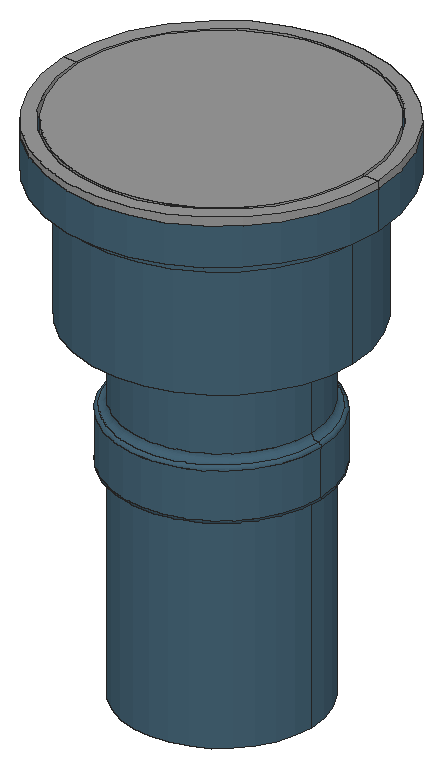
Revit family "Cleanout-Zurn-Z1406-Heavy Duty", category Plumbing Fixtures, Revit 2022
Family settings
  Round Connector Dimension = Use Radius
  Part Type = Normal
  OmniClass Number = 23.70.50.21.24.14
  OmniClass Title = Deck Waste Water Drains
  Work Plane-Based = No
  Always vertical = Yes
  Cut with Voids When Loaded = No
  Maintain Annotation Orientation = No
  Shared = No
  Room Calculation Point = No
Parameters (values of type "Load Family Type Catalog")
  Frame Adjustment Height (Derived) [instance] = [Frame Adjustment Height "Y"] - [ZN/ZS Top value]  # 2.000"
  ZN/ZS Top value = 0.000"
  Waste Connection = 1 = 1  # yes
  WFU = 1  # constant formula
  Vent Connection = 1 = 0  # no
  URL = "www.zurn.com"
  Type Comments = "Z1406-3 SP"
  Top Material = Bronze - Zurn - Polished Nickel
  Product data url = "https://www.bimobject.com/en-us/zurnindustries/product/z1406"
  Product Page URL = "https://www.zurn.com/products/drainage-interceptors/cleanouts/cleanouts/z1406"
  Product Installation Sheet URL = "https://files.zurn.com/care-cleaning-install-warranty-sheets/co5-(1).pdf"
  Product Documentation Link = "https://files.zurn.com/spec-sheets/z1406.pdf"
  Pipe Size_A Outer Diameter = 3.500"
  Pipe Size_A Nominal Diameter = 3.000"
  Pipe Size_A Inside Diameter = 3.068"
  Modified Date = "01/06/2025"  # constant formula
  Model = "Z1406"
  Manufacurer Brand = "Zurn"  # constant formula
  Manufacturer = "Zurn Water, LLC"  # constant formula
  Main Material = Iron - Zurn - Cast - Painted - Blue
  HWFU = 0  # constant formula
  HW Connection = 1 = 0  # no
  Grate Radius = [Dimension "C"] - 0.600"  # 5.525"
  Frame Adjustment Height "Y" [instance] = if([Enter Value-Frame Adjustment Height] < 0.875", 0.875", if([Enter Value-Frame Adjustment Height] > 2.000", 2.000", [Enter Value-Frame Adjustment Height]))  # 2.000"
  Enter Value-Frame Adjustment Height = 10.000"
  Dimension "C" = 6.125"
  Dimension "B" = 2.000"
  Description = "HEAVY-DUTY SPIGOT CLEANOUT ADJUSTABLE"  # constant formula
  Default Elevation = 20.000"  # constant formula
  Date Created = "09/27/2023"  # constant formula
  Connector Radius = Pipe Size_A Nominal Diameter / 2  # 1.500"
  CWFU = 0  # constant formula
  CW Connection = 1 = 0  # no
  Assembly Code = "D2030100"
  Approx. Weight (Lbs) = 11.000"
Types (10): name | Frame Adjustment Height (Derived) | ZN/ZS Top value | Type Comments | Top Material | Pipe Size_A Outer Diameter | Pipe Size_A Nominal Diameter | Pipe Size_A Inside Diameter | Model | Grate Radius | Dimension "C" | Dimension "B" | Connector Radius | Approx. Weight (Lbs)
  Load Family Type Catalog | 2.000" | 0.000" | "Z1406-3 SP" | Bronze - Zurn - Polished Nickel | 3.500" | 3.000" | 3.068" | "Z1406" | 5.525" | 6.125" | 2.000" | 1.500" | 11.000"
  ZS1406-6ZS | 2.188" | -0.188" | "ZN1406 With 6 Inch Spigot Connection" | Steel - Zurn - Stainless - Type - 304 | 6.625" | 6.000" | 6.065" | "ZS1406" | 8.650" | 9.250" | 3.500" | 3.000" | 23.000"
  ZS1406-4ZS | 2.188" | -0.188" | "ZN1406 With 4 Inch Spigot Connection" | Steel - Zurn - Stainless - Type - 304 | 4.500" | 4.000" | 4.026" | "ZS1406" | 6.650" | 7.250" | 3.500" | 2.000" | 15.000"
  ZS1406-3ZS | 2.188" | -0.188" | "ZN1406 With 3 Inch Spigot Connection" | Steel - Zurn - Stainless - Type - 304 | 3.500" | 3.000" | 3.068" | "ZS1406" | 5.525" | 6.125" | 2.000" | 1.500" | 11.000"
  ZN1406-6SP | 1.500" | 0.500" | "ZN1406 With 6 Inch Spigot Connection" | Bronze - Zurn - Polished Nickel | 6.625" | 6.000" | 6.065" | "ZN1406" | 8.650" | 9.250" | 3.500" | 3.000" | 23.000"
  ZN1406-4SP | 1.500" | 0.500" | "ZN1406 With 4 Inch Spigot Connection" | Bronze - Zurn - Polished Nickel | 4.500" | 4.000" | 4.026" | "ZN1406" | 6.650" | 7.250" | 3.500" | 2.000" | 15.000"
  ZN1406-3SP | 1.500" | 0.500" | "ZN1406 With 3 Inch Spigot Connection" | Bronze - Zurn - Polished Nickel | 3.500" | 3.000" | 3.068" | "ZN1406" | 5.525" | 6.125" | 2.000" | 1.500" | 11.000"
  Z1406-6SP | 2.000" | 0.000" | "Z1406 With 6 Inch Spigot Connection" | Iron - Zurn - Cast - Painted - Blue | 6.625" | 6.000" | 6.065" | "Z1406" | 8.650" | 9.250" | 3.500" | 3.000" | 23.000"
  Z1406-4SP | 2.000" | 0.000" | "Z1406 With 4 Inch Spigot Connection" | Iron - Zurn - Cast - Painted - Blue | 4.500" | 4.000" | 4.026" | "Z1406" | 6.650" | 7.250" | 3.500" | 2.000" | 15.000"
  Z1406-3SP | 2.000" | 0.000" | "Z1406 With 3 Inch Spigot Connection" | Iron - Zurn - Cast - Painted - Blue | 3.500" | 3.000" | 3.068" | "Z1406" | 5.525" | 6.125" | 2.000" | 1.500" | 11.000"
Reference planes (in)
  plane 1 "Center (Front/Back)": y = 0
  plane 2: z = 0
  plane 3 "Center (Left/Right)": x = 0
  plane 4: z = -3.75122
  plane 5: z = -3.9908
  plane 6: x = 4.43577
  plane 7: x = -3.0625
  plane 8: x = 3.0625
  plane 9: x = 2.75
  plane 10: x = -2.8125
  plane 11: x = 2.8125
  plane 12: z = -0.875
  plane 13: z = -0.625
  plane 14: x = 2.3125
  plane 15: z = -3.375
  plane 16: x = -1.5
  plane 17: x = 1.5
  plane 18: x = 1.75
  plane 19: x = -1.75
  plane 20: x = 1.534
  plane 21: x = -1.534
  plane 22: z = -2
  plane 23 "Outlet": z = -10
  plane 24: y = 1.5
  plane 25: y = -1.5
  plane 26: x = -1
  plane 27: x = 1
  plane 28: z = -0.15
Forms (in)
  Revolve 1, solid, material "Iron - Zurn - Cast - Painted - Blue" <- "Main Material", detail levels fine
    sketch origin (-0.00623, 0.00821, 0) x (1, 0, 0) y (0, 0, 1)
      loop
        line (1.94323, -2.625) -> (1.94323, -2) -> (1.00623, -2) -> (1.00623, -2.75) -> (1.54023, -2.75) -> (1.54023, -6.05253) -> (1.54023, -10) -> (1.75623, -10) -> (1.75623, -6.05777)
        arc (1.75623, -6.05777) -> (1.77509, -6.01224) -> (1.82062, -5.99338) r 0.06439
        line (1.82062, -5.99338) -> (1.87472, -5.99338)
        arc (1.87472, -5.99338) -> (1.92317, -5.97332) -> (1.94323, -5.92487) r 0.06851
        line (1.94323, -5.92487) -> (1.94323, -5.05807)
        arc (1.94323, -5.05807) -> (1.92638, -5.01279) -> (1.88402, -4.98956) r 0.06923
        arc (1.88402, -4.98956) -> (1.79366, -4.95214) -> (1.75623, -4.86178) r 0.12779
        line (1.75623, -4.86178) -> (1.75623, -2.81242)
        arc (1.75623, -2.81242) -> (1.81098, -2.68004) -> (1.94323, -2.625) r 0.18742
      axis (0.00623, -2) -> (0.00623, -10)
    angle from 0 to 360
  Revolve 2, solid, material "Iron - Zurn - Cast - Painted - Blue" <- "Main Material", detail levels fine
    sketch origin (-0.01399, 0, -0.00678) x (1, 0, 0) y (0, 0, 1)
      loop
        line (2.32649, -0.86822) -> (2.32649, -3.36822) -> (2.57649, -3.36822) -> (2.57649, -1.11822) -> (2.76349, -1.11822) -> (2.76349, -0.86822) -> (2.32649, -0.86822)
      axis (0.01226, -0.86822) -> (0.01226, -3.36822)
    angle from 0 to 360
  Revolve 3, solid, material "Iron - Zurn - Cast - Painted - Blue" <- "Main Material", detail levels fine
    sketch origin (-0.00173, 0, 0.00138) x (1, 0, 0) y (0, 0, 1)
      loop
        line (2.81423, -0.15138) -> (2.81423, -0.62638) -> (2.06423, -0.62638) -> (2.06423, -0.87638) -> (3.06423, -0.87638) -> (3.06423, -0.15138) -> (2.81423, -0.15138)
      axis (0, -0.15138) -> (0, -0.87638)
    angle from 0 to 360
  Extrusion 4, solid, material "Bronze - Zurn - Polished Nickel" <- "Top Material", detail levels fine
    sketch origin (0, 0, 0) x (1, 0, 0) y (0, 1, 0)
      loop
        circle (0, 0) r 2.7625
    from -0.625 to 0
  Revolve 5, solid, material "Bronze - Zurn - Polished Nickel" <- "Top Material", detail levels fine
    sketch origin (0, 0, 0) x (1, 0, 0) y (0, 0, 1)
      loop
        line (2.8125, 0) -> (2.8125, -0.15) -> (3.0625, -0.15) -> (3.0625, 0) -> (2.8125, 0)
      axis (0, 0) -> (0, -0.15)
    angle from 0 to 360
Lines and regions (in)
  Masking region 1, detail levels fine
    outline origin (0, 0, 0) x (1, 0, 0) y (0, 1, 0)
      loop
        circle (0, 0) r 3.0625
  model lines, detail levels coarse+medium
    curve 1: arc (-3.06597, 0, 0) -> (-0.00173, -3.06423, 0) -> (3.0625, 0, 0) r 3.06423
    curve 2: arc (3.0625, 0, 0) -> (-0.00173, 3.06423, 0) -> (-3.06597, 0, 0) r 3.06423
    curve 3: arc (-2.7625, 0, 0) -> (0, -2.7625, 0) -> (2.7625, 0, 0) r 2.7625
    curve 4: arc (2.7625, 0, 0) -> (0, 2.7625, 0) -> (-2.7625, 0, 0) r 2.7625
    curve 5: line (0, 0, 0) -> (0, 0, -10)
    curve 6: line (0, 1.5, -10) -> (0, -1.5, -10)
    curve 7: line (-1.5, 0, -10) -> (1.5, 0, -10)
Dimensions and locks (in)
  locked: plane 4 to plane 5 at 0.23959
  Revolve 2 sketch curve to Revolve 2 sketch curve = 2.500"
  locked: Revolve 2 sketch curve to Revolve 2 sketch curve at 0.25
  equal spacing: plane 8, plane 3 "Center (Left/Right)", plane 7
  "Dimension "C"": plane 8 to plane 7
  locked: plane 10 to plane 7 at 0.25
  locked: plane 8 to plane 11 at 0.25
  locked: level to plane 12 at 0.875
  locked: plane 13 to plane 12 at 0.25
  locked: plane 8 to Revolve 3 sketch curve at 1
  locked: Revolve 3 to Revolve 2 sketch curve at 0.25
  locked: level to plane 15 at 3.375
  equal spacing: plane 17, plane 3 "Center (Left/Right)", plane 16
  equal spacing: plane 18, plane 3 "Center (Left/Right)", plane 19  (x2)
  equal spacing: plane 20, plane 3 "Center (Left/Right)", plane 21
  "Pipe Size_A Nominal Diameter": plane 17 to plane 16
  "Pipe Size_A Outer Diameter": plane 18 to plane 19
  "Pipe Size_A Inside Diameter": plane 20 to plane 21
  "Frame Adjustment Height (Derived)": level to plane 22
  locked: plane 22 to plane 23 "Outlet" at 8
  locked: Revolve 1 sketch curve to Revolve 1 sketch curve at 0.187
  equal spacing: plane 24, plane 1 "Center (Front/Back)", plane 25
  "Pipe Size_A Nominal Diameter": plane 24 to plane 25
  equal spacing: plane 27, plane 3 "Center (Left/Right)", plane 26
  "Dimension "B"": plane 27 to plane 26
  locked: plane 8 to plane 9 at 0.3125
  locked: plane 9 to plane 14 at 0.4375
  locked: Revolve 2 sketch curve to Revolve 2 sketch curve at 0.187
  locked: plane 22 to Revolve 1 sketch curve at 0.75
  locked: Revolve 1 sketch curve to Revolve 1 sketch curve at 0.625
  locked: level to plane 28 at 0.15
  "Grate Radius": diameter of Extrusion 4 sketch curve
  "Dimension "C"": diameter of Masking region 1 sketch curve
  aligned and locked: plane 2 to level
  aligned and locked: Revolve 3 sketch curve to plane 8
  aligned and locked: plane 11 to Revolve 3 sketch curve
  aligned and locked: Revolve 3 sketch curve to plane 13
  aligned and locked: plane 23 "Outlet" to Revolve 1 sketch curve  (x2)
  aligned and locked: Revolve 1 sketch curve to plane 3 "Center (Left/Right)"
  aligned and locked: Extrusion 4 to plane 13
  aligned and locked: level to Extrusion 4
  aligned and locked: plane 12 to Revolve 3 sketch curve
  aligned and locked: plane 8 to Revolve 3 sketch curve
  aligned and locked: plane 3 "Center (Left/Right)" to Extrusion 4 sketch curve
  aligned and locked: plane 1 "Center (Front/Back)" to Extrusion 4 sketch curve
  aligned and locked: Revolve 1 sketch curve to plane 18  (x2)
  aligned and locked: curve 1 to Revolve 3
  aligned and locked: curve 2 to Revolve 3
  aligned and locked: curve 3 to Extrusion 4
  aligned and locked: curve 4 to Extrusion 4
  aligned and locked: level to curve 5
  aligned and locked: plane 23 "Outlet" to curve 5
  aligned and locked: curve 5 to plane 3 "Center (Left/Right)"
  aligned and locked: plane 24 to curve 6
  aligned and locked: plane 25 to curve 6
  aligned and locked: curve 6 to plane 3 "Center (Left/Right)"
  aligned and locked: plane 16 to curve 7
  aligned and locked: plane 17 to curve 7
  aligned and locked: plane 1 "Center (Front/Back)" to curve 7
  aligned and locked: plane 3 "Center (Left/Right)" to Masking region 1 sketch curve
  aligned and locked: plane 1 "Center (Front/Back)" to Masking region 1 sketch curve
  aligned and locked: plane 14 to Revolve 2 sketch curve
  aligned and locked: Revolve 2 sketch curve to plane 12
  aligned and locked: Revolve 1 sketch curve to plane 20
  aligned and locked: Revolve 1 sketch curve to plane 27
  aligned and locked: plane 22 to Revolve 1 sketch curve
  aligned and locked: Revolve 3 sketch curve to plane 28
  aligned and locked: plane 28 to Revolve 5 sketch curve
  aligned and locked: plane 11 to Revolve 5 sketch curve
  aligned and locked: Revolve 5 sketch curve to plane 8
  aligned and locked: Revolve 5 sketch curve to level
  aligned and locked: curve 3 to Revolve 5 sketch curve
  aligned and locked: Revolve 5 sketch curve to curve 5
Automatic sketch dimensions
  Revolve 3 sketch curve to plane 3 "Center (Left/Right)" = 0.00173"
  Revolve 3 sketch curve to level = 1.77167"
  level to Revolve 3 sketch curve = 0.62638"
  Revolve 2 sketch curve to level = 0.000"
  Revolve 2 sketch curve to plane 3 "Center (Left/Right)" = 0.00173"
  Revolve 2 sketch curve to plane 15 = 1.625"
  plane 18 to Revolve 1 sketch curve = 0.06439"
  Revolve 1 sketch curve to Revolve 1 sketch curve = 0.06923"
  Revolve 1 sketch curve to Revolve 1 sketch curve = 0.0541"
  Revolve 1 sketch curve to Revolve 1 sketch curve = 0.12779"
  Revolve 1 sketch curve to Revolve 1 sketch curve = 0.18742"
  Revolve 1 sketch curve to plane 5 = 2.06697"
  Revolve 1 sketch curve to Revolve 1 sketch curve = 0.00524"
  Revolve 1 sketch curve to Revolve 1 sketch curve = 0.86681"
  plane 18 to Revolve 1 sketch curve = 0.187"
  Revolve 1 sketch curve to plane 23 "Outlet" = 1.375"
  plane 15 to Revolve 1 sketch curve = 0.250"
  Revolve 5 sketch curve to plane 22 = 0.000"
Connectors (in)
  piping at (0, 0.00821, -10), diameter 3, driven by "Connector Radius", driven by "Waste Connection"
    settings: on Revolve 1, index 1, connector inside diameter 24", connector length 0.000", flow factor 0, pipe flow 0 GPM, pressure drop 0.00 psi, fitting loss kfactor 0, connector angle 0.00°, fixture units 0, engagement length 0.000", angle of deflection 0.00°, flow configuration 0, flow direction 2, fitting loss method 0, system type 16, joint type 0, gender type 0, connector reference index -1, connector utility 1, adjustable connector no, is connector primary yes, connector description "Sanitary Outlet"
